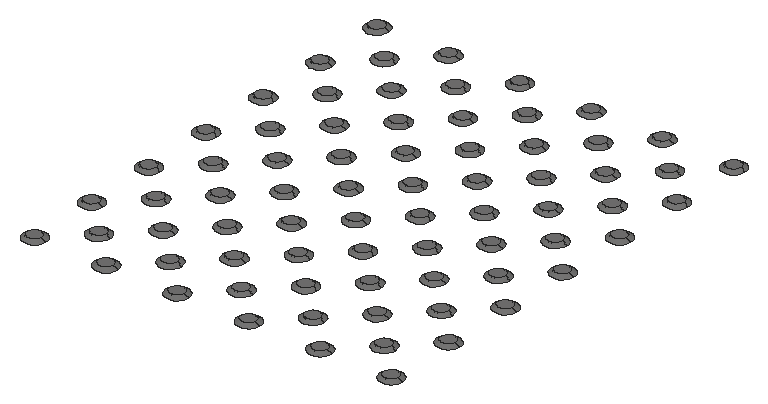
Revit family "Taktila - Farefelt - NCS8000", category Generic Models, host Face, Revit 2023
Family settings
  Host = Face
  Can host rebar = No
  Round Connector Dimension = Use Diameter
  Part Type = Normal
  Cut with Voids When Loaded = No
  Maintain Annotation Orientation = No
  Shared = No
  Room Calculation Point = No
Parameters (values of type "500mm")
  Width = 500 mm
  Sklisikkerhet [instance] = "R10 (Ihht. DIN 51130-2104)"
  Number_of_Brackets_2 = (Width / Bracket_Spacing)  # 5
  Number_of_Brackets_1 = roundup(Width / Bracket_Spacing)  # 6
  Mål [instance] = "600xWidth (Ø: 30mm / H: 3,6mm)"
  Materiale [instance] = "Resirkulert nylon plast. PA 15%gf"
  Innfesting [instance] = "3M™ VHB™ tape"
  Farge [instance] = "NCS 8000-N - Antrasitt Grå"
  EDP [instance] = "Miljødeklarasjon"
  Default Elevation = 0 mm
  Bracket_Spacing = 95 mm
Types (16, lengths in mm): name | Width | Sklisikkerhet | Number_of_Brackets_2 | Number_of_Brackets_1 | Mål | Materiale | Innfesting | Farge | EDP
  500mm | 500 | "R10 (Ihht. DIN 51130-2104)" | 5 | 6 | "600xWidth (Ø: 30mm / H: 3,6mm)" | "Resirkulert nylon plast. PA 15%gf" | "3M™ VHB™ tape" | "NCS 8000-N - Antrasitt Grå" | "Miljødeklarasjon"
  600mm | 600 | "" | 6 | 7 | "" | "" | "" | "" | ""
  700mm | 700 | "" | 7 | 8 | "" | "" | "" | "" | ""
  800mm | 800 | "" | 8 | 9 | "" | "" | "" | "" | ""
  900mm | 900 | "" | 9 | 10 | "" | "" | "" | "" | ""
  1000mm | 1000 | "" | 11 | 11 | "" | "" | "" | "" | ""
  1100mm | 1100 | "" | 12 | 12 | "" | "" | "" | "" | ""
  1200mm | 1200 | "" | 13 | 13 | "" | "" | "" | "" | ""
  1300mm | 1300 | "" | 14 | 14 | "" | "" | "" | "" | ""
  1400mm | 1400 | "" | 15 | 15 | "" | "" | "" | "" | ""
  1500mm | 1500 | "" | 16 | 16 | "" | "" | "" | "" | ""
  1600mm | 1600 | "" | 17 | 17 | "" | "" | "" | "" | ""
  1700mm | 1700 | "" | 18 | 18 | "" | "" | "" | "" | ""
  1800mm | 1800 | "" | 19 | 19 | "" | "" | "" | "" | ""
  1900mm | 1900 | "" | 20 | 20 | "" | "" | "" | "" | ""
  2000mm | 2000 | "" | 21 | 22 | "" | "" | "" | "" | ""
Reference planes
  plane 1 "Center (Front/Back)": y = 0
  plane 2: z = 0
  plane 3 "Center (Left/Right)": x = 0
Lines and regions (mm)
  reference lines
    curve 1: line (500, 0, 0) -> (500, -1520, 0)
Dimensions and locks
  "Width": plane 3 "Center (Left/Right)" to curve 1
  equal spacing: group 1, group 2, group 3, group 4, group 5, group 6  (x3)
  equal spacing: group 7, group 8, group 9, group 10, group 11  (x3)
  aligned and locked: plane 2 to host face
  aligned and locked: level to host face
Automatic sketch dimensions
  host sketch curve to host sketch curve = 2438.4 mm  (x2)
  plane 1 "Center (Front/Back)" to curve 1 = 0 mm
  curve 1 to curve 1 = 1520 mm
Nested families
  nested 1: "Taktila - Objekt 1 - Knotter - (Ø30)" at (0, 0, 0), type "Taktila - Objekt 1 - Knotter - (Ø30)"
  nested 2: "Taktila - Objekt 1 - Knotter - (Ø30)" at (0, -95, 0), type "Taktila - Objekt 1 - Knotter - (Ø30)"
  nested 3: "Taktila - Objekt 1 - Knotter - (Ø30)" at (0, -190, 0), type "Taktila - Objekt 1 - Knotter - (Ø30)"
  nested 4: "Taktila - Objekt 1 - Knotter - (Ø30)" at (0, -285, 0), type "Taktila - Objekt 1 - Knotter - (Ø30)"
  nested 5: "Taktila - Objekt 1 - Knotter - (Ø30)" at (0, -380, 0), type "Taktila - Objekt 1 - Knotter - (Ø30)"
  nested 6: "Taktila - Objekt 1 - Knotter - (Ø30)" at (0, -475, 0), type "Taktila - Objekt 1 - Knotter - (Ø30)"
  nested 7: "Taktila - Objekt 1 - Knotter - (Ø30)" at (0, -570, 0), type "Taktila - Objekt 1 - Knotter - (Ø30)"
  nested 8: "Taktila - Objekt 1 - Knotter - (Ø30)" at (95, 0, 0), type "Taktila - Objekt 1 - Knotter - (Ø30)"
  nested 9: "Taktila - Objekt 1 - Knotter - (Ø30)" at (95, -95, 0), type "Taktila - Objekt 1 - Knotter - (Ø30)"
  nested 10: "Taktila - Objekt 1 - Knotter - (Ø30)" at (95, -190, 0), type "Taktila - Objekt 1 - Knotter - (Ø30)"
  nested 11: "Taktila - Objekt 1 - Knotter - (Ø30)" at (95, -285, 0), type "Taktila - Objekt 1 - Knotter - (Ø30)"
  nested 12: "Taktila - Objekt 1 - Knotter - (Ø30)" at (95, -380, 0), type "Taktila - Objekt 1 - Knotter - (Ø30)"
  nested 13: "Taktila - Objekt 1 - Knotter - (Ø30)" at (95, -475, 0), type "Taktila - Objekt 1 - Knotter - (Ø30)"
  nested 14: "Taktila - Objekt 1 - Knotter - (Ø30)" at (95, -570, 0), type "Taktila - Objekt 1 - Knotter - (Ø30)"
  nested 15: "Taktila - Objekt 1 - Knotter - (Ø30)" at (190, 0, 0), type "Taktila - Objekt 1 - Knotter - (Ø30)"
  nested 16: "Taktila - Objekt 1 - Knotter - (Ø30)" at (190, -95, 0), type "Taktila - Objekt 1 - Knotter - (Ø30)"
  nested 17: "Taktila - Objekt 1 - Knotter - (Ø30)" at (190, -190, 0), type "Taktila - Objekt 1 - Knotter - (Ø30)"
  nested 18: "Taktila - Objekt 1 - Knotter - (Ø30)" at (190, -285, 0), type "Taktila - Objekt 1 - Knotter - (Ø30)"
  nested 19: "Taktila - Objekt 1 - Knotter - (Ø30)" at (190, -380, 0), type "Taktila - Objekt 1 - Knotter - (Ø30)"
  nested 20: "Taktila - Objekt 1 - Knotter - (Ø30)" at (190, -475, 0), type "Taktila - Objekt 1 - Knotter - (Ø30)"
  nested 21: "Taktila - Objekt 1 - Knotter - (Ø30)" at (190, -570, 0), type "Taktila - Objekt 1 - Knotter - (Ø30)"
  nested 22: "Taktila - Objekt 1 - Knotter - (Ø30)" at (285, 0, 0), type "Taktila - Objekt 1 - Knotter - (Ø30)"
  nested 23: "Taktila - Objekt 1 - Knotter - (Ø30)" at (285, -95, 0), type "Taktila - Objekt 1 - Knotter - (Ø30)"
  nested 24: "Taktila - Objekt 1 - Knotter - (Ø30)" at (285, -190, 0), type "Taktila - Objekt 1 - Knotter - (Ø30)"
  nested 25: "Taktila - Objekt 1 - Knotter - (Ø30)" at (285, -285, 0), type "Taktila - Objekt 1 - Knotter - (Ø30)"
  nested 26: "Taktila - Objekt 1 - Knotter - (Ø30)" at (285, -380, 0), type "Taktila - Objekt 1 - Knotter - (Ø30)"
  nested 27: "Taktila - Objekt 1 - Knotter - (Ø30)" at (285, -475, 0), type "Taktila - Objekt 1 - Knotter - (Ø30)"
  nested 28: "Taktila - Objekt 1 - Knotter - (Ø30)" at (285, -570, 0), type "Taktila - Objekt 1 - Knotter - (Ø30)"
  nested 29: "Taktila - Objekt 1 - Knotter - (Ø30)" at (380, 0, 0), type "Taktila - Objekt 1 - Knotter - (Ø30)"
  nested 30: "Taktila - Objekt 1 - Knotter - (Ø30)" at (380, -95, 0), type "Taktila - Objekt 1 - Knotter - (Ø30)"
  nested 31: "Taktila - Objekt 1 - Knotter - (Ø30)" at (380, -190, 0), type "Taktila - Objekt 1 - Knotter - (Ø30)"
  nested 32: "Taktila - Objekt 1 - Knotter - (Ø30)" at (380, -285, 0), type "Taktila - Objekt 1 - Knotter - (Ø30)"
  nested 33: "Taktila - Objekt 1 - Knotter - (Ø30)" at (380, -380, 0), type "Taktila - Objekt 1 - Knotter - (Ø30)"
  nested 34: "Taktila - Objekt 1 - Knotter - (Ø30)" at (380, -475, 0), type "Taktila - Objekt 1 - Knotter - (Ø30)"
  nested 35: "Taktila - Objekt 1 - Knotter - (Ø30)" at (380, -570, 0), type "Taktila - Objekt 1 - Knotter - (Ø30)"
  nested 36: "Taktila - Objekt 1 - Knotter - (Ø30)" at (475, 0, 0), type "Taktila - Objekt 1 - Knotter - (Ø30)"
  nested 37: "Taktila - Objekt 1 - Knotter - (Ø30)" at (475, -95, 0), type "Taktila - Objekt 1 - Knotter - (Ø30)"
  nested 38: "Taktila - Objekt 1 - Knotter - (Ø30)" at (475, -190, 0), type "Taktila - Objekt 1 - Knotter - (Ø30)"
  nested 39: "Taktila - Objekt 1 - Knotter - (Ø30)" at (475, -285, 0), type "Taktila - Objekt 1 - Knotter - (Ø30)"
  nested 40: "Taktila - Objekt 1 - Knotter - (Ø30)" at (475, -380, 0), type "Taktila - Objekt 1 - Knotter - (Ø30)"
  nested 41: "Taktila - Objekt 1 - Knotter - (Ø30)" at (475, -475, 0), type "Taktila - Objekt 1 - Knotter - (Ø30)"
  nested 42: "Taktila - Objekt 1 - Knotter - (Ø30)" at (475, -570, 0), type "Taktila - Objekt 1 - Knotter - (Ø30)"
  nested 43: "Taktila - Objekt 1 - Knotter - (Ø30)" at (47.5, -47.5, 0), type "Taktila - Objekt 1 - Knotter - (Ø30)"
  nested 44: "Taktila - Objekt 1 - Knotter - (Ø30)" at (47.5, -142.5, 0), type "Taktila - Objekt 1 - Knotter - (Ø30)"
  nested 45: "Taktila - Objekt 1 - Knotter - (Ø30)" at (47.5, -237.5, 0), type "Taktila - Objekt 1 - Knotter - (Ø30)"
  nested 46: "Taktila - Objekt 1 - Knotter - (Ø30)" at (47.5, -332.5, 0), type "Taktila - Objekt 1 - Knotter - (Ø30)"
  nested 47: "Taktila - Objekt 1 - Knotter - (Ø30)" at (47.5, -427.5, 0), type "Taktila - Objekt 1 - Knotter - (Ø30)"
  nested 48: "Taktila - Objekt 1 - Knotter - (Ø30)" at (47.5, -522.5, 0), type "Taktila - Objekt 1 - Knotter - (Ø30)"
  nested 49: "Taktila - Objekt 1 - Knotter - (Ø30)" at (142.5, -47.5, 0), type "Taktila - Objekt 1 - Knotter - (Ø30)"
  nested 50: "Taktila - Objekt 1 - Knotter - (Ø30)" at (142.5, -142.5, 0), type "Taktila - Objekt 1 - Knotter - (Ø30)"
  nested 51: "Taktila - Objekt 1 - Knotter - (Ø30)" at (142.5, -237.5, 0), type "Taktila - Objekt 1 - Knotter - (Ø30)"
  nested 52: "Taktila - Objekt 1 - Knotter - (Ø30)" at (142.5, -332.5, 0), type "Taktila - Objekt 1 - Knotter - (Ø30)"
  nested 53: "Taktila - Objekt 1 - Knotter - (Ø30)" at (142.5, -427.5, 0), type "Taktila - Objekt 1 - Knotter - (Ø30)"
  nested 54: "Taktila - Objekt 1 - Knotter - (Ø30)" at (142.5, -522.5, 0), type "Taktila - Objekt 1 - Knotter - (Ø30)"
  nested 55: "Taktila - Objekt 1 - Knotter - (Ø30)" at (237.5, -47.5, 0), type "Taktila - Objekt 1 - Knotter - (Ø30)"
  nested 56: "Taktila - Objekt 1 - Knotter - (Ø30)" at (237.5, -142.5, 0), type "Taktila - Objekt 1 - Knotter - (Ø30)"
  nested 57: "Taktila - Objekt 1 - Knotter - (Ø30)" at (237.5, -237.5, 0), type "Taktila - Objekt 1 - Knotter - (Ø30)"
  nested 58: "Taktila - Objekt 1 - Knotter - (Ø30)" at (237.5, -332.5, 0), type "Taktila - Objekt 1 - Knotter - (Ø30)"
  nested 59: "Taktila - Objekt 1 - Knotter - (Ø30)" at (237.5, -427.5, 0), type "Taktila - Objekt 1 - Knotter - (Ø30)"
  nested 60: "Taktila - Objekt 1 - Knotter - (Ø30)" at (237.5, -522.5, 0), type "Taktila - Objekt 1 - Knotter - (Ø30)"
  nested 61: "Taktila - Objekt 1 - Knotter - (Ø30)" at (332.5, -47.5, 0), type "Taktila - Objekt 1 - Knotter - (Ø30)"
  nested 62: "Taktila - Objekt 1 - Knotter - (Ø30)" at (332.5, -142.5, 0), type "Taktila - Objekt 1 - Knotter - (Ø30)"
  nested 63: "Taktila - Objekt 1 - Knotter - (Ø30)" at (332.5, -237.5, 0), type "Taktila - Objekt 1 - Knotter - (Ø30)"
  nested 64: "Taktila - Objekt 1 - Knotter - (Ø30)" at (332.5, -332.5, 0), type "Taktila - Objekt 1 - Knotter - (Ø30)"
  nested 65: "Taktila - Objekt 1 - Knotter - (Ø30)" at (332.5, -427.5, 0), type "Taktila - Objekt 1 - Knotter - (Ø30)"
  nested 66: "Taktila - Objekt 1 - Knotter - (Ø30)" at (332.5, -522.5, 0), type "Taktila - Objekt 1 - Knotter - (Ø30)"
  nested 67: "Taktila - Objekt 1 - Knotter - (Ø30)" at (427.5, -47.5, 0), type "Taktila - Objekt 1 - Knotter - (Ø30)"
  nested 68: "Taktila - Objekt 1 - Knotter - (Ø30)" at (427.5, -142.5, 0), type "Taktila - Objekt 1 - Knotter - (Ø30)"
  nested 69: "Taktila - Objekt 1 - Knotter - (Ø30)" at (427.5, -237.5, 0), type "Taktila - Objekt 1 - Knotter - (Ø30)"
  nested 70: "Taktila - Objekt 1 - Knotter - (Ø30)" at (427.5, -332.5, 0), type "Taktila - Objekt 1 - Knotter - (Ø30)"
  nested 71: "Taktila - Objekt 1 - Knotter - (Ø30)" at (427.5, -427.5, 0), type "Taktila - Objekt 1 - Knotter - (Ø30)"
  nested 72: "Taktila - Objekt 1 - Knotter - (Ø30)" at (427.5, -522.5, 0), type "Taktila - Objekt 1 - Knotter - (Ø30)"
Definition of nested family "Taktila - Objekt 1 - Knotter - (Ø30)"
  Parameters (values of type "Taktila - Objekt 1 - Knotter - (Ø30)")
    Sklisikkerhet [instance] = "R10 (Ihht. DIN 51130-2104)"
    Mål [instance] = "Ø: 30mm / H: 3,6mm"
    Materiale [instance] = "Resirkulert nylon plast. PA 15%gf"
    Material [instance] = none
    Innfesting [instance] = "3M™ VHB™ tape"
    Farge [instance] = "NCS 8000-N - Antrasitt Grå"
    EDP [instance] = "Miljødeklarasjon"
    Default Elevation = 0 mm
  Reference planes
    plane 1 "Center (Front/Back)": y = 0
    plane 2: z = 0
    plane 3 "Center (Left/Right)": x = 0
  Forms (mm)
    Blend 1, solid, material <- "Material"
      base sketch origin (0, 0, 0) x (1, 0, 0) y (0, 1, 0)
        loop
          circle (0, 0) r 15
      top sketch origin (0, 0, 0) x (1, 0, 0) y (0, 1, 0)
        loop
          circle (0, 0) r 10
      from 0 to 3.6
  Dimensions and locks
    aligned and locked: level to plane 2
